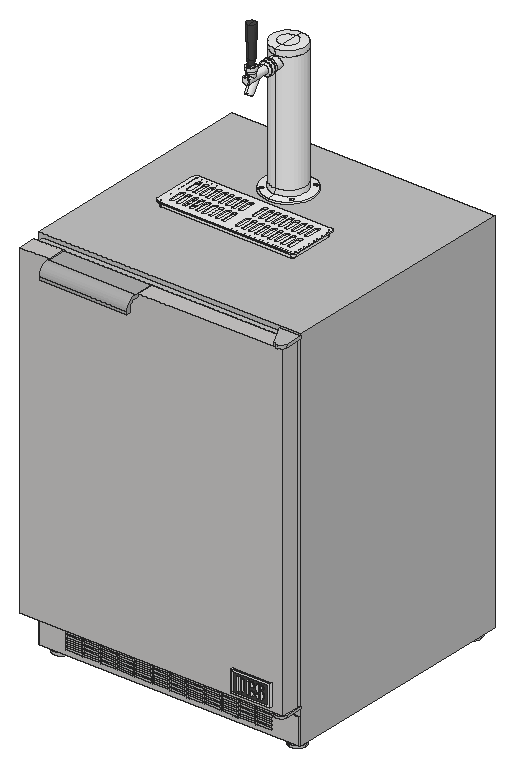
Revit family "RF24TR2_Outdoor_Fridge_9000xxxxxxA", category Specialty Equipment, Revit 2018
Family settings
  Round Connector Dimension = Use Diameter
  Part Type = Normal
  OmniClass Number = 23.40.40.00
  OmniClass Title = Food Service Equipment and Furnishings
  Work Plane-Based = No
  Always vertical = Yes
  Cut with Voids When Loaded = Yes
  Shared = No
  Room Calculation Point = No
Parameters
  Visibility - Clearance Required = yes
  URL = "www.dcsappliances.com"
  Product - Width = 607 mm  # constant formula
  Product - Height (857mm to 883mm) = 870 mm
  Product - Depth = 643 mm  # constant formula
  Model = "RF24TR2"
  Material - Handle = DCS - Aluminium
  Material - Door Front = DCS - Stainless Steel
  Material - Body = DCS - Grey
  Manufacturer = "Fisher & Paykel Appliances"
  Keynote = ""
  Description = "Outdoor Beer Dispenser - Single Tap"
  Counter Top - Height (mm) = 915 mm
  Connector Description - Electrical = "110-120 V, 60 Hz, 15 A dedicated circuit"
  Chassis - Width = 607 mm  # constant formula
  Chassis - Height = 854 mm  # constant formula
  Chassis - Depth = 559 mm  # constant formula
  Cavity - Width = 616 mm  # constant formula
  Cavity - Height (864mm to 889mm) = 889 mm  # constant formula
  Cavity - Depth = 584 mm  # constant formula
Reference planes
  plane 1 "Center (Front/Back)": y = 0
  plane 2: z = 0
  plane 3 "Center (Left/Right)": x = 0
  plane 4 "Product - LHS": x = -303.5
  plane 5 "Product - RHS": x = 303.5
  plane 6 "Product - Depth": y = 559
  plane 7 "Cavity - LHS": x = -308
  plane 8 "Cavity - RHS": x = 308
  plane 9 "Cavity - Depth": y = 584
  plane 10 "Product - Height": z = 870
  plane 11 "Cavity - Height": z = 876
  plane 12 "Chassis - Base": z = 16
  plane 13 "Door Front": y = -54
  plane 14 "Counter Top": z = 915
Forms (mm)
  Extrusion 1, solid, material "DCS - Grey" <- "Material - Body"
    sketch origin (0, 0, 0) x (0, 1, 0) y (0, 0, 1)
      loop
        line (0, 870) -> (0, 16) -> (559, 16) -> (559, 870) -> (0, 870)
    from -303.5 to 303.5
  Extrusion 2, solid, material "DCS - Aluminium" <- "Material - Handle"
    sketch origin (0, 0, 0) x (0, 1, 0) y (0, 0, 1)
      loop
        line (-13.13, 860.6) -> (-59.922, 860.6)
        arc (-59.922, 860.6) -> (-76.948, 853.548) -> (-84, 836.522) r 24.078
        line (-84, 836.522) -> (-84, 830.34) -> (-75.11, 830.34) -> (-75.11, 844.71)
        arc (-75.11, 844.71) -> (-69.603, 851.111) -> (-61.504, 853.5) r 14.926
        line (-61.504, 853.5) -> (-13.13, 853.5) -> (-13.13, 860.6)
    from -32 to -235
  Extrusion 3, solid, material "DCS - Stainless Steel" <- "Material - Door Front", detail levels fine
    sketch origin (0, 0, 0) x (1, 0, 0) y (0, 0, 1)
      loop
        line (-300.5, 16) -> (300.5, 16) -> (300.5, 77) -> (-300.5, 77) -> (-300.5, 16)
      loop
        line (-199, 75.5) -> (-199, 68.5) -> (-161, 68.5) -> (-161, 75.5) -> (-199, 75.5)
      loop
        line (-199, 67) -> (-199, 60) -> (-161, 60) -> (-161, 67) -> (-199, 67)
      loop
        line (-199, 58.5) -> (-199, 51.5) -> (-161, 51.5) -> (-161, 58.5) -> (-199, 58.5)
      loop
        line (-199, 50) -> (-199, 43) -> (-161, 43) -> (-161, 50) -> (-199, 50)
      loop
        line (-199, 41.5) -> (-199, 34.5) -> (-161, 34.5) -> (-161, 41.5) -> (-199, 41.5)
      loop
        line (-199, 33) -> (-199, 26) -> (-161, 26) -> (-161, 33) -> (-199, 33)
      loop
        line (-159, 75.5) -> (-159, 68.5) -> (-121, 68.5) -> (-121, 75.5) -> (-159, 75.5)
      loop
        line (-159, 67) -> (-159, 60) -> (-121, 60) -> (-121, 67) -> (-159, 67)
      loop
        line (-159, 58.5) -> (-159, 51.5) -> (-121, 51.5) -> (-121, 58.5) -> (-159, 58.5)
      loop
        line (-159, 50) -> (-159, 43) -> (-121, 43) -> (-121, 50) -> (-159, 50)
      loop
        line (-159, 41.5) -> (-159, 34.5) -> (-121, 34.5) -> (-121, 41.5) -> (-159, 41.5)
      loop
        line (-159, 33) -> (-159, 26) -> (-121, 26) -> (-121, 33) -> (-159, 33)
      loop
        line (-119, 75.5) -> (-119, 68.5) -> (-81, 68.5) -> (-81, 75.5) -> (-119, 75.5)
      loop
        line (-119, 67) -> (-119, 60) -> (-81, 60) -> (-81, 67) -> (-119, 67)
      loop
        line (-119, 58.5) -> (-119, 51.5) -> (-81, 51.5) -> (-81, 58.5) -> (-119, 58.5)
      loop
        line (-119, 50) -> (-119, 43) -> (-81, 43) -> (-81, 50) -> (-119, 50)
      loop
        line (-119, 41.5) -> (-119, 34.5) -> (-81, 34.5) -> (-81, 41.5) -> (-119, 41.5)
      loop
        line (-119, 33) -> (-119, 26) -> (-81, 26) -> (-81, 33) -> (-119, 33)
      loop
        line (-79, 75.5) -> (-79, 68.5) -> (-41, 68.5) -> (-41, 75.5) -> (-79, 75.5)
      loop
        line (-79, 67) -> (-79, 60) -> (-41, 60) -> (-41, 67) -> (-79, 67)
      loop
        line (-79, 58.5) -> (-79, 51.5) -> (-41, 51.5) -> (-41, 58.5) -> (-79, 58.5)
      loop
        line (-79, 50) -> (-79, 43) -> (-41, 43) -> (-41, 50) -> (-79, 50)
      loop
        line (-79, 41.5) -> (-79, 34.5) -> (-41, 34.5) -> (-41, 41.5) -> (-79, 41.5)
      loop
        line (-79, 33) -> (-79, 26) -> (-41, 26) -> (-41, 33) -> (-79, 33)
      loop
        line (-39, 75.5) -> (-39, 68.5) -> (-1, 68.5) -> (-1, 75.5) -> (-39, 75.5)
      loop
        line (-39, 67) -> (-39, 60) -> (-1, 60) -> (-1, 67) -> (-39, 67)
      loop
        line (-39, 58.5) -> (-39, 51.5) -> (-1, 51.5) -> (-1, 58.5) -> (-39, 58.5)
      loop
        line (-39, 50) -> (-39, 43) -> (-1, 43) -> (-1, 50) -> (-39, 50)
      loop
        line (-39, 41.5) -> (-39, 34.5) -> (-1, 34.5) -> (-1, 41.5) -> (-39, 41.5)
      loop
        line (-39, 33) -> (-39, 26) -> (-1, 26) -> (-1, 33) -> (-39, 33)
      loop
        line (-239, 75.5) -> (-239, 68.5) -> (-201, 68.5) -> (-201, 75.5) -> (-239, 75.5)
      loop
        line (-239, 67) -> (-239, 60) -> (-201, 60) -> (-201, 67) -> (-239, 67)
      loop
        line (-239, 58.5) -> (-239, 51.5) -> (-201, 51.5) -> (-201, 58.5) -> (-239, 58.5)
      loop
        line (-239, 50) -> (-239, 43) -> (-201, 43) -> (-201, 50) -> (-239, 50)
      loop
        line (-239, 41.5) -> (-239, 34.5) -> (-201, 34.5) -> (-201, 41.5) -> (-239, 41.5)
      loop
        line (-239, 33) -> (-239, 26) -> (-201, 26) -> (-201, 33) -> (-239, 33)
      loop
        line (199, 75.5) -> (161, 75.5) -> (161, 68.5) -> (199, 68.5) -> (199, 75.5)
      loop
        line (199, 67) -> (161, 67) -> (161, 60) -> (199, 60) -> (199, 67)
      loop
        line (199, 58.5) -> (161, 58.5) -> (161, 51.5) -> (199, 51.5) -> (199, 58.5)
      loop
        line (199, 50) -> (161, 50) -> (161, 43) -> (199, 43) -> (199, 50)
      loop
        line (199, 41.5) -> (161, 41.5) -> (161, 34.5) -> (199, 34.5) -> (199, 41.5)
      loop
        line (199, 33) -> (161, 33) -> (161, 26) -> (199, 26) -> (199, 33)
      loop
        line (159, 75.5) -> (121, 75.5) -> (121, 68.5) -> (159, 68.5) -> (159, 75.5)
      loop
        line (159, 67) -> (121, 67) -> (121, 60) -> (159, 60) -> (159, 67)
      loop
        line (159, 58.5) -> (121, 58.5) -> (121, 51.5) -> (159, 51.5) -> (159, 58.5)
      loop
        line (159, 50) -> (121, 50) -> (121, 43) -> (159, 43) -> (159, 50)
      loop
        line (159, 41.5) -> (121, 41.5) -> (121, 34.5) -> (159, 34.5) -> (159, 41.5)
      loop
        line (159, 33) -> (121, 33) -> (121, 26) -> (159, 26) -> (159, 33)
      loop
        line (119, 75.5) -> (81, 75.5) -> (81, 68.5) -> (119, 68.5) -> (119, 75.5)
      loop
        line (119, 67) -> (81, 67) -> (81, 60) -> (119, 60) -> (119, 67)
      loop
        line (119, 58.5) -> (81, 58.5) -> (81, 51.5) -> (119, 51.5) -> (119, 58.5)
      loop
        line (119, 50) -> (81, 50) -> (81, 43) -> (119, 43) -> (119, 50)
      loop
        line (119, 41.5) -> (81, 41.5) -> (81, 34.5) -> (119, 34.5) -> (119, 41.5)
      loop
        line (119, 33) -> (81, 33) -> (81, 26) -> (119, 26) -> (119, 33)
      loop
        line (79, 75.5) -> (41, 75.5) -> (41, 68.5) -> (79, 68.5) -> (79, 75.5)
      loop
        line (79, 67) -> (41, 67) -> (41, 60) -> (79, 60) -> (79, 67)
      loop
        line (79, 58.5) -> (41, 58.5) -> (41, 51.5) -> (79, 51.5) -> (79, 58.5)
      loop
        line (79, 50) -> (41, 50) -> (41, 43) -> (79, 43) -> (79, 50)
      loop
        line (79, 41.5) -> (41, 41.5) -> (41, 34.5) -> (79, 34.5) -> (79, 41.5)
      loop
        line (79, 33) -> (41, 33) -> (41, 26) -> (79, 26) -> (79, 33)
      loop
        line (39, 75.5) -> (1, 75.5) -> (1, 68.5) -> (39, 68.5) -> (39, 75.5)
      loop
        line (39, 67) -> (1, 67) -> (1, 60) -> (39, 60) -> (39, 67)
      loop
        line (39, 58.5) -> (1, 58.5) -> (1, 51.5) -> (39, 51.5) -> (39, 58.5)
      loop
        line (39, 50) -> (1, 50) -> (1, 43) -> (39, 43) -> (39, 50)
      loop
        line (39, 41.5) -> (1, 41.5) -> (1, 34.5) -> (39, 34.5) -> (39, 41.5)
      loop
        line (39, 33) -> (1, 33) -> (1, 26) -> (39, 26) -> (39, 33)
      loop
        line (239, 75.5) -> (201, 75.5) -> (201, 68.5) -> (239, 68.5) -> (239, 75.5)
      loop
        line (239, 67) -> (201, 67) -> (201, 60) -> (239, 60) -> (239, 67)
      loop
        line (239, 58.5) -> (201, 58.5) -> (201, 51.5) -> (239, 51.5) -> (239, 58.5)
      loop
        line (239, 50) -> (201, 50) -> (201, 43) -> (239, 43) -> (239, 50)
      loop
        line (239, 41.5) -> (201, 41.5) -> (201, 34.5) -> (239, 34.5) -> (239, 41.5)
      loop
        line (239, 33) -> (201, 33) -> (201, 26) -> (239, 26) -> (239, 33)
    from 0 to 2
  Extrusion 4, solid, material "DCS - Grey" <- "Material - Body"
    sketch origin (0, 0, 1000) x (1, 0, 0) y (0, 0, 1)
      loop
        circle (203.5, -913) r 5
    from -584 to -559
  Extrusion 5, solid, material "DCS - Clearance Required", visible <- "Visibility - Clearance Required", detail levels coarse
    sketch origin (0, 0, 0) x (1, 0, 0) y (0, 1, 0)
      loop
        line (-308, 584) -> (-308, 0) -> (308, 0) -> (308, 584) -> (-308, 584)
    from 0 to 876
  Extrusion 6, solid, material "DCS - Grey" <- "Material - Body"
    sketch origin (0, 0, 0) x (0, 1, 0) y (0, 0, 1)
      loop
        line (-13.13, 860.6) -> (-13.13, 107.384) -> (0, 107.384) -> (0, 860.6) -> (-13.13, 860.6)
    from -293 to 293
  Extrusion 7, solid, material "DCS - Grey" <- "Material - Body"
    sketch origin (0, 0, 0) x (1, 0, 0) y (0, 1, 0)
      loop
        circle (-273.5, 27) r 19
      loop
        circle (-273.5, 534) r 19
      loop
        circle (273.5, 27) r 19
      loop
        circle (273.5, 534) r 19
    from 0 to 4.9
  Extrusion 8, solid, material "DCS - Grey" <- "Material - Body"
    sketch origin (0, 0, 0) x (1, 0, 0) y (0, 1, 0)
      loop
        circle (-273.5, 534) r 6
      loop
        circle (-273.5, 27) r 6
      loop
        circle (273.5, 534) r 6
      loop
        circle (273.5, 27) r 6
    from 4.9 to 16
  Extrusion 9, solid, material "DCS - Clearance Required", visible <- "Visibility - Clearance Required", detail levels coarse
    sketch origin (0, 0, 0) x (1, 0, 0) y (0, 1, 0)
      loop
        line (303.5, -54) -> (-303.5, -54)
        arc (-303.5, -54) -> (-118.506, -464.09) -> (303.5, -620) r 582.375
        line (303.5, -620) -> (303.5, -551.714) -> (333.5, -551.714) -> (333.5, -348.771) -> (303.5, -348.771) -> (303.5, -54)
    from 102.24 to 860.6
  Extrusion 10, solid, material "DCS - Grey" <- "Material - Body", detail levels fine
    sketch origin (0, 0, 0) x (1, 0, 0) y (0, 1, 0)
      loop
        arc (278.224, -45.856) -> (292.903, -53.774) -> (303.5, -40.895) r 13.125
        line (303.5, -40.895) -> (303.5, 0) -> (253.451, 0) -> (278.224, -45.856)
    from 860.6 to 866.898
  Extrusion 11, solid, material "DCS - Grey" <- "Material - Body", detail levels fine
    sketch origin (0, 0, 0) x (1, 0, 0) y (0, 1, 0)
      loop
        arc (278.224, -45.856) -> (292.903, -53.774) -> (303.5, -40.895) r 13.125
        line (303.5, -40.895) -> (303.5, 0) -> (253.451, 0) -> (278.224, -45.856)
    from 93.901 to 97.228
  Extrusion 12, void
    sketch origin (0, 0, 0) x (1, 0, 0) y (0, 1, 0)
      loop
        line (-308, 584) -> (-308, 0) -> (308, 0) -> (308, 584) -> (-308, 584)
    from 0 to 876
  Extrusion 13, solid, material "DCS - Stainless Steel" <- "Material - Door Front"
    sketch origin (0, 0, 0) x (1, 0, 0) y (0, 0, 1)
      loop
        line (-303.5, 860.6) -> (-303.5, 102.24) -> (303.5, 102.24) -> (303.5, 860.6) -> (-32, 860.6) -> (-32, 853.5) -> (-235, 853.5) -> (-235, 860.6) -> (-303.5, 860.6)
    from 13.13 to 54
  Extrusion 14, void
    sketch origin (0, 0, 0) x (1, 0, 0) y (0, 1, 0)
      loop
        circle (0, 343) r 19
      loop
        circle (-35, 378) r 3
      loop
        arc (149.5, 162) -> (153.743, 163.757) -> (155.5, 168) r 6
        line (155.5, 168) -> (155.5, 264)
        arc (155.5, 264) -> (153.743, 268.243) -> (149.5, 270) r 6
        line (149.5, 270) -> (-149.5, 270)
        arc (-149.5, 270) -> (-153.743, 268.243) -> (-155.5, 264) r 6
        line (-155.5, 264) -> (-155.5, 168)
        arc (-155.5, 168) -> (-153.743, 163.757) -> (-149.5, 162) r 6
        line (-149.5, 162) -> (149.5, 162)
      loop
        circle (35, 378) r 3
      loop
        circle (-35, 308) r 3
      loop
        circle (35, 308) r 3
    from 870 to 915
Text (mm)
  text "Due to ongoing product development, product details are subject to change without notice. \nPlease always refer to www.fisherpaykel.com for the most current product information. \n© Fisher & Paykel 2020" at (41.04, -459.323, 0), in view "Ref. Level (Plan)"
Dimensions and locks
  equal spacing: plane 4 "Product - LHS", plane 3 "Center (Left/Right)", plane 5 "Product - RHS"
  "Product - Width": plane 4 "Product - LHS" to plane 5 "Product - RHS"
  equal spacing: plane 7 "Cavity - LHS", plane 3 "Center (Left/Right)", plane 8 "Cavity - RHS"
  "Cavity - Width": plane 7 "Cavity - LHS" to plane 8 "Cavity - RHS"
  "Chassis - Depth": plane 6 "Product - Depth" to plane 1 "Center (Front/Back)"
  "Cavity - Depth": plane 1 "Center (Front/Back)" to plane 9 "Cavity - Depth"
  "Product - Height (857mm to 883mm)": plane 10 "Product - Height" to level
  locked: plane 11 "Cavity - Height" to plane 10 "Product - Height" at 6
  "Chassis - Height": plane 10 "Product - Height" to plane 12 "Chassis - Base"
  plane 13 "Door Front" to plane 1 "Center (Front/Back)" = 54 mm
  plane 6 "Product - Depth" to plane 9 "Cavity - Depth" = 25 mm
  "Product - Depth": plane 6 "Product - Depth" to Extrusion 2
  equal spacing: Extrusion 6, plane 3 "Center (Left/Right)", Extrusion 6
  locked: Extrusion 4 sketch curve to plane 12 "Chassis - Base" at 71
  locked: Extrusion 7 to level at 4.9
  locked: plane 12 "Chassis - Base" to Extrusion 9 at 86.24
  locked: plane 12 "Chassis - Base" to Extrusion 11 at 77.901
  locked: Extrusion 11 to Extrusion 11 at 3.327
  locked: plane 10 "Product - Height" to Extrusion 10 at 3.102  (x2)
  locked: nested 1 to plane 12 "Chassis - Base" at 146.24
  locked: plane 10 "Product - Height" to Extrusion 9 at 9.4
  Extrusion 14 sketch curve to plane 3 "Center (Left/Right)" = 35 mm
  "Counter Top - Height (mm)": plane 14 "Counter Top" to level
  locked: plane 14 "Counter Top" to nested 2 at 308
  aligned and locked: level to plane 2
  aligned and locked: Extrusion 1 to plane 5 "Product - RHS"
  aligned and locked: Extrusion 1 to plane 4 "Product - LHS"
  aligned and locked: plane 10 "Product - Height" to Extrusion 1
  aligned and locked: Extrusion 4 to plane 9 "Cavity - Depth"
  aligned and locked: Extrusion 4 to plane 6 "Product - Depth"
  aligned and locked: Extrusion 5 to level
  aligned and locked: plane 11 "Cavity - Height" to Extrusion 5
  aligned and locked: Extrusion 3 to Extrusion 1
  aligned and locked: Extrusion 7 to level
  aligned and locked: Extrusion 8 to Extrusion 1
  aligned and locked: Extrusion 8 to Extrusion 7
  aligned and locked: Extrusion 1 to plane 12 "Chassis - Base"
  aligned and locked: Extrusion 12 to Extrusion 5
  aligned and locked: Extrusion 10 to Extrusion 2
  aligned and locked: plane 14 "Counter Top" to Extrusion 14
Automatic sketch dimensions
  Extrusion 1 sketch curve to plane 1 "Center (Front/Back)" = 0 mm
  Extrusion 1 sketch curve to plane 6 "Product - Depth" = 0 mm
  Extrusion 1 sketch curve to plane 12 "Chassis - Base" = 0 mm
  Extrusion 1 sketch curve to plane 10 "Product - Height" = 0 mm
  plane 13 "Door Front" to Extrusion 2 sketch curve = 40.87 mm
  Extrusion 2 sketch curve to Extrusion 2 sketch curve = 46.792 mm
  Extrusion 2 sketch curve to Extrusion 2 sketch curve = 1.582 mm
  Extrusion 2 sketch curve to Extrusion 2 sketch curve = 13.606 mm
  Extrusion 2 sketch curve to Extrusion 2 sketch curve = 8.89 mm
  Extrusion 2 sketch curve to plane 10 "Product - Height" = 39.66 mm
  Extrusion 2 sketch curve to Extrusion 2 sketch curve = 6.182 mm
  Extrusion 2 sketch curve to Extrusion 2 sketch curve = 2.052 mm
  Extrusion 2 sketch curve to Extrusion 2 sketch curve = 8.188 mm
  Extrusion 3 sketch curve to plane 12 "Chassis - Base" = 0 mm
  Extrusion 3 sketch curve to plane 4 "Product - LHS" = 3 mm
  Extrusion 3 sketch curve to Extrusion 3 sketch curve = 61.5 mm
  plane 12 "Chassis - Base" to Extrusion 3 sketch curve = 10 mm  (x6)
  Extrusion 3 sketch curve to Extrusion 3 sketch curve = 0 mm  (x138)
  Extrusion 3 sketch curve to Extrusion 3 sketch curve = 38 mm  (x11)
  Extrusion 3 sketch curve to Extrusion 3 sketch curve = 2 mm  (x22)
  Extrusion 3 sketch curve to plane 3 "Center (Left/Right)" = 1 mm  (x6)
  plane 3 "Center (Left/Right)" to Extrusion 3 sketch curve = 1 mm  (x6)
  plane 5 "Product - RHS" to Extrusion 3 sketch curve = 3 mm
  Extrusion 3 sketch curve to Extrusion 3 sketch curve = 7 mm  (x38)
  Extrusion 3 sketch curve to Extrusion 3 sketch curve = 1.5 mm  (x60)
  Extrusion 3 sketch curve to Extrusion 3 sketch curve = 61 mm
  plane 5 "Product - RHS" to Extrusion 4 sketch curve = 100 mm
  Extrusion 5 sketch curve to plane 1 "Center (Front/Back)" = 0 mm
  Extrusion 5 sketch curve to plane 7 "Cavity - LHS" = 0 mm
  Extrusion 5 sketch curve to plane 8 "Cavity - RHS" = 0 mm
  plane 9 "Cavity - Depth" to Extrusion 5 sketch curve = 0 mm
  Extrusion 6 sketch curve to plane 1 "Center (Front/Back)" = 0 mm
  plane 1 "Center (Front/Back)" to Extrusion 6 sketch curve = 13.13 mm
  Extrusion 7 sketch curve to plane 4 "Product - LHS" = 30 mm  (x2)
  plane 5 "Product - RHS" to Extrusion 7 sketch curve = 30 mm  (x2)
  Extrusion 7 sketch curve to plane 1 "Center (Front/Back)" = 27 mm  (x2)
  Extrusion 7 sketch curve to plane 6 "Product - Depth" = 25 mm  (x2)
  Extrusion 8 sketch curve to plane 4 "Product - LHS" = 30 mm  (x2)
  plane 5 "Product - RHS" to Extrusion 8 sketch curve = 30 mm  (x2)
  Extrusion 8 sketch curve to plane 1 "Center (Front/Back)" = 27 mm  (x2)
  Extrusion 8 sketch curve to plane 6 "Product - Depth" = 25 mm  (x2)
  Extrusion 12 sketch curve to plane 1 "Center (Front/Back)" = 0 mm
  Extrusion 12 sketch curve to plane 7 "Cavity - LHS" = 0 mm
  Extrusion 12 sketch curve to plane 8 "Cavity - RHS" = 0 mm
  Extrusion 12 sketch curve to plane 9 "Cavity - Depth" = 0 mm
  plane 12 "Chassis - Base" to Extrusion 6 sketch curve = 91.384 mm
  Extrusion 6 sketch curve to plane 10 "Product - Height" = 9.4 mm
  Extrusion 14 sketch curve to plane 3 "Center (Left/Right)" = 0 mm
  Extrusion 14 sketch curve to plane 3 "Center (Left/Right)" = 35 mm
  Extrusion 14 sketch curve to plane 3 "Center (Left/Right)" = 149.5 mm
  Extrusion 14 sketch curve to Extrusion 14 sketch curve = 0 mm  (x3)
  Extrusion 14 sketch curve to Extrusion 14 sketch curve = 6 mm  (x2)
  plane 3 "Center (Left/Right)" to Extrusion 14 sketch curve = 35 mm  (x2)
  plane 3 "Center (Left/Right)" to Extrusion 14 sketch curve = 149.5 mm
  Extrusion 14 sketch curve to plane 1 "Center (Front/Back)" = 162 mm
  Extrusion 14 sketch curve to Extrusion 14 sketch curve = 96 mm
  Extrusion 14 sketch curve to Extrusion 14 sketch curve = 38 mm
  Extrusion 14 sketch curve to Extrusion 14 sketch curve = 35 mm  (x3)
  Extrusion 9 sketch curve to plane 4 "Product - LHS" = 0 mm
  Extrusion 9 sketch curve to plane 5 "Product - RHS" = 0 mm  (x2)
  plane 5 "Product - RHS" to Extrusion 9 sketch curve = 24.841 mm
  Extrusion 9 sketch curve to plane 8 "Cavity - RHS" = 25.5 mm
  Extrusion 9 sketch curve to Extrusion 9 sketch curve = 202.944 mm
  Extrusion 9 sketch curve to Extrusion 9 sketch curve = 68.286 mm
  Extrusion 9 sketch curve to plane 13 "Door Front" = 0 mm
  Extrusion 9 sketch curve to plane 13 "Door Front" = 294.771 mm
  plane 4 "Product - LHS" to Extrusion 13 sketch curve = 0 mm
  Extrusion 13 sketch curve to plane 5 "Product - RHS" = 0 mm
  Extrusion 13 sketch curve to plane 4 "Product - LHS" = 68.5 mm
  Extrusion 13 sketch curve to plane 3 "Center (Left/Right)" = 32 mm
  plane 12 "Chassis - Base" to Extrusion 13 sketch curve = 86.24 mm
  Extrusion 13 sketch curve to plane 10 "Product - Height" = 9.4 mm  (x2)
  Extrusion 13 sketch curve to Extrusion 13 sketch curve = 7.1 mm
  plane 1 "Center (Front/Back)" to Extrusion 10 sketch curve = 0 mm
  Extrusion 10 sketch curve to plane 5 "Product - RHS" = 0 mm
  plane 5 "Product - RHS" to Extrusion 10 sketch curve = 50.049 mm
  plane 13 "Door Front" to Extrusion 10 sketch curve = 8.144 mm
  plane 5 "Product - RHS" to Extrusion 10 sketch curve = 25.276 mm
  plane 13 "Door Front" to Extrusion 10 sketch curve = 13.105 mm
  plane 1 "Center (Front/Back)" to Extrusion 11 sketch curve = 0 mm
  Extrusion 11 sketch curve to plane 5 "Product - RHS" = 0 mm
  plane 5 "Product - RHS" to Extrusion 11 sketch curve = 50.049 mm
  plane 13 "Door Front" to Extrusion 11 sketch curve = 8.144 mm
  plane 5 "Product - RHS" to Extrusion 11 sketch curve = 25.276 mm
  plane 13 "Door Front" to Extrusion 11 sketch curve = 13.105 mm
  radius of Extrusion 4 sketch curve = 5 mm
  radius of Extrusion 7 sketch curve = 19 mm  (x4)
  radius of Extrusion 8 sketch curve = 6 mm  (x4)
  radius of Extrusion 14 sketch curve = 19 mm
  radius of Extrusion 14 sketch curve = 3 mm  (x4)
Nested families
  nested 1: "DCS Logo New Large" at (233.092, -54, 137.74), type "DCS Logo New Large"
  nested 2: "DCS Dispense Tower Single" at (0, 0, 915), type "DCS Dispense Tower Single"
Connectors
  electrical at (203.5, 584, 87), driven by "Connector Description - Electrical"
    settings: on Extrusion 4, index 1, voltage 120 V, apparent load 0 VA, apparent load phase1 0 VA, apparent load phase2 0 VA, apparent load phase3 0 VA, power factor 1, load classification "Other", number of poles 1, system type 30, power factor state 1, is connector primary yes, connector utility no, sub classification motor no, connector description "110-120 V, 60 Hz, 15 A dedicated circuit"
Definition of nested family "DCS Logo New Large"
  Parameters (values of type "DCS Logo New Large")
    URL = "www.dcsappliances.com"
    Product - Width = 89.45 mm
    Product - Height = 49 mm
    Product - Depth = 6 mm
    Material - Logo = none
    Material - Body = none
    Manufacturer = "Fisher & Paykel Appliances"
  Reference planes
    plane 1 "Center (Front/Back)": y = 0
    plane 2: z = 0
    plane 3 "Center (Left/Right)": x = 0
    plane 4 "Product Top": z = 24.5
    plane 5 "Product LHS": x = -44.725
    plane 6 "Product RHS": x = 44.725
    plane 7 "Product - Depth": y = -6
    plane 8 "Product Bottom": z = -24.5
  Forms (mm)
    Extrusion 1, solid, material <- "Material - Logo", detail levels medium+fine
      sketch origin (0, 0, -0.347) x (1, 0, 0) y (0, 0, 1)
        loop
          line (-44.725, 24.847) -> (-44.725, -24.153) -> (44.725, -24.153) -> (44.725, 24.847) -> (-44.725, 24.847)
        loop
          line (-41.725, 21.847) -> (-41.725, -21.153) -> (41.725, -21.153) -> (41.725, 21.847) -> (-41.725, 21.847)
      from 0 to 6
    Extrusion 2, solid, material <- "Material - Body", detail levels medium+fine
      sketch origin (0, 0, 0) x (1, 0, 0) y (0, 0, 1)
        loop
          line (-41.725, 21.5) -> (-41.725, -21.5) -> (41.725, -21.5) -> (41.725, 21.5) -> (-41.725, 21.5)
      from 0 to 4.974
    Extrusion 3, solid, material <- "Material - Logo", detail levels fine
      sketch origin (0, 0, 0) x (1, 0, 0) y (0, 0, 1)
        loop
          line (-31.141, 15.364) -> (-31.141, -15.364) -> (-25.323, -15.364) -> (-25.323, 15.364) -> (-31.141, 15.364)
        loop
          arc (-20.07, -15.416) -> (-15.93, -13.415) -> (-14.252, -9.134) r 6.301
          line (-14.252, -9.134) -> (-14.252, 9.134)
          arc (-14.252, 9.134) -> (-15.93, 13.414) -> (-20.07, 15.412) r 6.296
          line (-20.07, 15.412) -> (-20.07, -15.416)
        loop
          arc (-8.445, -9.134) -> (-6.767, -13.414) -> (-2.627, -15.412) r 6.296
          line (-2.627, -15.412) -> (-2.627, 15.416)
          arc (-2.627, 15.416) -> (-6.767, 13.415) -> (-8.445, 9.134) r 6.301
          line (-8.445, 9.134) -> (-8.445, -9.134)
        loop
          arc (2.627, -15.377) -> (6.765, -13.401) -> (8.445, -9.134) r 6.259
          line (8.445, -9.134) -> (8.445, -4.011) -> (2.627, -4.011) -> (2.627, -15.377)
        loop
          arc (8.445, 9.134) -> (6.767, 13.414) -> (2.627, 15.412) r 6.296
          line (2.627, 15.412) -> (2.627, 4.011) -> (8.445, 4.011) -> (8.445, 9.134)
        loop
          line (20.07, -2.527) -> (20.07, 15.375)
          arc (20.07, 15.375) -> (15.932, 13.4) -> (14.252, 9.134) r 6.257
          line (14.252, 9.134) -> (14.252, 4.145)
          arc (14.252, 4.145) -> (16.005, -0.199) -> (20.07, -2.527) r 7.155
        loop
          line (14.252, -6.875) -> (14.252, -9.134)
          arc (14.252, -9.134) -> (15.93, -13.414) -> (20.07, -15.412) r 6.296
          line (20.07, -15.412) -> (20.07, -6.875) -> (14.252, -6.875)
        loop
          line (25.323, 2.499) -> (25.323, -15.378)
          arc (25.323, -15.378) -> (29.461, -13.401) -> (31.141, -9.134) r 6.259
          line (31.141, -9.134) -> (31.141, -4.145)
          arc (31.141, -4.145) -> (29.481, 0.271) -> (25.323, 2.499) r 6.702
        loop
          line (25.323, 6.875) -> (31.141, 6.875) -> (31.141, 9.134)
          arc (31.141, 9.134) -> (29.464, 13.419) -> (25.323, 15.427) r 6.313
          line (25.323, 15.427) -> (25.323, 6.875)
      from 4.974 to 6
  Dimensions and locks
    plane 7 "Product - Depth" to plane 1 "Center (Front/Back)" = 6 mm
    equal spacing: Extrusion 1 sketch curve, plane 3 "Center (Left/Right)", Extrusion 1 sketch curve
    "Product - Depth": plane 7 "Product - Depth" to plane 1 "Center (Front/Back)"
    equal spacing: plane 4 "Product Top", level, plane 8 "Product Bottom"
    "Product - Height": plane 4 "Product Top" to plane 8 "Product Bottom"
    equal spacing: plane 5 "Product LHS", plane 3 "Center (Left/Right)", plane 6 "Product RHS"
    "Product - Width": plane 5 "Product LHS" to plane 6 "Product RHS"
    aligned and locked: level to plane 2
    aligned and locked: Extrusion 1 to plane 7 "Product - Depth"
    aligned and locked: Extrusion 3 to plane 7 "Product - Depth"
    aligned and locked: plane 6 "Product RHS" to Extrusion 1 sketch curve
    aligned and locked: Extrusion 1 sketch curve to plane 4 "Product Top"
    aligned and locked: plane 8 "Product Bottom" to Extrusion 1 sketch curve
    aligned and locked: Extrusion 1 sketch curve to plane 5 "Product LHS"
    aligned and locked: Extrusion 2 sketch curve to Extrusion 1  (x4)
  Automatic sketch dimensions
    Extrusion 3 sketch curve to plane 5 "Product LHS" = 13.584 mm
    Extrusion 3 sketch curve to Extrusion 3 sketch curve = 5.818 mm  (x5)
    Extrusion 3 sketch curve to Extrusion 3 sketch curve = 4.771 mm
    Extrusion 3 sketch curve to Extrusion 3 sketch curve = 4.775 mm
    Extrusion 3 sketch curve to Extrusion 3 sketch curve = 6.296 mm
    Extrusion 3 sketch curve to Extrusion 3 sketch curve = 5.807 mm  (x3)
    Extrusion 3 sketch curve to plane 3 "Center (Left/Right)" = 2.627 mm
    Extrusion 3 sketch curve to plane 3 "Center (Left/Right)" = 2.149 mm
    Extrusion 3 sketch curve to plane 3 "Center (Left/Right)" = 2.144 mm
    plane 3 "Center (Left/Right)" to Extrusion 3 sketch curve = 2.148 mm
    plane 3 "Center (Left/Right)" to Extrusion 3 sketch curve = 2.186 mm
    plane 3 "Center (Left/Right)" to Extrusion 3 sketch curve = 2.627 mm  (x2)
    Extrusion 3 sketch curve to level = 2.527 mm
    Extrusion 3 sketch curve to Extrusion 3 sketch curve = 0 mm  (x3)
    Extrusion 3 sketch curve to Extrusion 3 sketch curve = 0.439 mm
    Extrusion 3 sketch curve to Extrusion 3 sketch curve = 0.478 mm
    level to Extrusion 3 sketch curve = 4.504 mm
    Extrusion 3 sketch curve to Extrusion 3 sketch curve = 0.889 mm
    Extrusion 3 sketch curve to Extrusion 3 sketch curve = 4.369 mm
    Extrusion 3 sketch curve to Extrusion 3 sketch curve = 4.32 mm
    Extrusion 3 sketch curve to Extrusion 3 sketch curve = 4.334 mm
    Extrusion 3 sketch curve to Extrusion 3 sketch curve = 5.254 mm  (x3)
    Extrusion 3 sketch curve to Extrusion 3 sketch curve = 6.702 mm
    Extrusion 3 sketch curve to level = 4.011 mm
    Extrusion 3 sketch curve to level = 4.145 mm
    Extrusion 3 sketch curve to Extrusion 3 sketch curve = 2.865 mm
    Extrusion 3 sketch curve to Extrusion 3 sketch curve = 4.989 mm
    Extrusion 3 sketch curve to Extrusion 3 sketch curve = 5.123 mm  (x2)
    Extrusion 3 sketch curve to Extrusion 3 sketch curve = 2.259 mm  (x2)
    Extrusion 3 sketch curve to level = 9.134 mm
    Extrusion 3 sketch curve to Extrusion 3 sketch curve = 6.23 mm  (x2)
    level to Extrusion 3 sketch curve = 4.011 mm
    level to Extrusion 3 sketch curve = 6.875 mm
    level to Extrusion 3 sketch curve = 9.134 mm
    Extrusion 3 sketch curve to Extrusion 3 sketch curve = 4.63 mm
    Extrusion 1 sketch curve to plane 5 "Product LHS" = 3 mm
    Extrusion 1 sketch curve to plane 4 "Product Top" = 3 mm
    plane 8 "Product Bottom" to Extrusion 1 sketch curve = 3 mm
Definition of nested family "DCS Dispense Tower Single"
  Parameters (values of type "DCS Dispense Tower Single")
    URL = "www.dcsappliances.com"
    Product - Height = 308 mm
    Material - Body = none
    Manufacturer = "Fisher & Paykel Appliances"
  Reference planes
    plane 1 "Center (Front/Back)": y = 0
    plane 2: z = 0
    plane 3 "Center (Left/Right)": x = 0
  Forms (mm)
    Revolve 1, solid, material <- "Material - Body", detail levels fine
      sketch origin (0, 0, 0) x (0, 1, 0) y (0, 0, 1)
        loop
          line (342.959, 0) -> (342.959, 308) -> (321.83, 308) -> (304.501, 306.484) -> (304.833, 294.284) -> (304.833, 17.538) -> (303.82, 5.592) -> (286.359, 2.826) -> (285.706, 0) -> (342.959, 0)
        axis (342.959, 0) -> (342.959, 308)
      angle from 0 to 360
    Extrusion 2, void
      sketch origin (0, 0, 0) x (1, 0, 0) y (0, 1, 0)
        loop
          circle (-35, 377.959) r 4
        loop
          arc (-37.296, 380.735) -> (-38.12, 376.157) -> (-33.743, 374.582) r 3.603
          line (-33.743, 374.582) -> (-37.296, 380.735)
        loop
          line (-36.257, 381.335) -> (-32.704, 375.182)
          arc (-32.704, 375.182) -> (-31.88, 379.76) -> (-36.257, 381.335) r 3.603
        loop
          circle (35, 377.959) r 4
        loop
          line (37.296, 380.735) -> (33.743, 374.582)
          arc (33.743, 374.582) -> (38.12, 376.157) -> (37.296, 380.735) r 3.603
        loop
          arc (36.257, 381.335) -> (31.88, 379.76) -> (32.704, 375.182) r 3.603
          line (32.704, 375.182) -> (36.257, 381.335)
        loop
          circle (-35, 307.959) r 4
        loop
          line (-37.296, 305.182) -> (-33.743, 311.335)
          arc (-33.743, 311.335) -> (-38.12, 309.76) -> (-37.296, 305.182) r 3.603
        loop
          arc (-36.257, 304.582) -> (-31.88, 306.157) -> (-32.704, 310.735) r 3.603
          line (-32.704, 310.735) -> (-36.257, 304.582)
        loop
          circle (35, 307.959) r 4
        loop
          arc (37.296, 305.182) -> (38.12, 309.76) -> (33.743, 311.335) r 3.603
          line (33.743, 311.335) -> (37.296, 305.182)
        loop
          line (36.257, 304.582) -> (32.704, 310.735)
          arc (32.704, 310.735) -> (31.88, 306.157) -> (36.257, 304.582) r 3.603
      from 0 to 5.6
    Extrusion 3, solid, material <- "Material - Body", detail levels fine
      sketch origin (0, 69.5, 0) x (1, 0, 0) y (0, 1, 0)
        loop
          arc (-150.035, 206.709) -> (-158.52, 203.194) -> (-162.035, 194.709) r 12
          line (-162.035, 194.709) -> (-162.035, 98.358)
          arc (-162.035, 98.358) -> (-158.52, 89.873) -> (-150.035, 86.358) r 12
          line (-150.035, 86.358) -> (149.653, 86.358)
          arc (149.653, 86.358) -> (158.139, 89.873) -> (161.653, 98.358) r 12
          line (161.653, 98.358) -> (161.653, 194.709)
          arc (161.653, 194.709) -> (158.139, 203.194) -> (149.653, 206.709) r 12
          line (149.653, 206.709) -> (-150.035, 206.709)
        loop
          arc (-141.065, 156.573) -> (-136.3, 151.808) -> (-131.534, 156.573) r 4.766
          line (-131.534, 156.573) -> (-131.534, 185.168)
          arc (-131.534, 185.168) -> (-136.3, 189.934) -> (-141.065, 185.168) r 4.766
          line (-141.065, 185.168) -> (-141.065, 156.573)
        loop
          arc (-141.065, 107.9) -> (-136.3, 103.134) -> (-131.534, 107.9) r 4.766
          line (-131.534, 107.9) -> (-131.534, 136.494)
          arc (-131.534, 136.494) -> (-136.3, 141.26) -> (-141.065, 136.494) r 4.766
          line (-141.065, 136.494) -> (-141.065, 107.9)
        loop
          arc (-125.942, 156.573) -> (-121.176, 151.808) -> (-116.411, 156.573) r 4.766
          line (-116.411, 156.573) -> (-116.411, 185.168)
          arc (-116.411, 185.168) -> (-121.176, 189.934) -> (-125.942, 185.168) r 4.766
          line (-125.942, 185.168) -> (-125.942, 156.573)
        loop
          arc (-125.942, 107.9) -> (-121.176, 103.134) -> (-116.411, 107.9) r 4.766
          line (-116.411, 107.9) -> (-116.411, 136.494)
          arc (-116.411, 136.494) -> (-121.176, 141.26) -> (-125.942, 136.494) r 4.766
          line (-125.942, 136.494) -> (-125.942, 107.9)
        loop
          arc (-110.819, 156.573) -> (-106.053, 151.808) -> (-101.288, 156.573) r 4.766
          line (-101.288, 156.573) -> (-101.288, 185.168)
          arc (-101.288, 185.168) -> (-106.053, 189.934) -> (-110.819, 185.168) r 4.766
          line (-110.819, 185.168) -> (-110.819, 156.573)
        loop
          arc (-110.819, 107.9) -> (-106.053, 103.134) -> (-101.288, 107.9) r 4.766
          line (-101.288, 107.9) -> (-101.288, 136.494)
          arc (-101.288, 136.494) -> (-106.053, 141.26) -> (-110.819, 136.494) r 4.766
          line (-110.819, 136.494) -> (-110.819, 107.9)
        loop
          arc (-95.696, 156.573) -> (-90.93, 151.808) -> (-86.164, 156.573) r 4.766
          line (-86.164, 156.573) -> (-86.164, 185.168)
          arc (-86.164, 185.168) -> (-90.93, 189.934) -> (-95.696, 185.168) r 4.766
          line (-95.696, 185.168) -> (-95.696, 156.573)
        loop
          arc (-95.696, 107.9) -> (-90.93, 103.134) -> (-86.164, 107.9) r 4.766
          line (-86.164, 107.9) -> (-86.164, 136.494)
          arc (-86.164, 136.494) -> (-90.93, 141.26) -> (-95.696, 136.494) r 4.766
          line (-95.696, 136.494) -> (-95.696, 107.9)
        loop
          arc (-81.013, 156.573) -> (-76.247, 151.808) -> (-71.481, 156.573) r 4.766
          line (-71.481, 156.573) -> (-71.481, 185.168)
          arc (-71.481, 185.168) -> (-76.247, 189.934) -> (-81.013, 185.168) r 4.766
          line (-81.013, 185.168) -> (-81.013, 156.573)
        loop
          arc (-81.013, 107.9) -> (-76.247, 103.134) -> (-71.481, 107.9) r 4.766
          line (-71.481, 107.9) -> (-71.481, 136.494)
          arc (-71.481, 136.494) -> (-76.247, 141.26) -> (-81.013, 136.494) r 4.766
          line (-81.013, 136.494) -> (-81.013, 107.9)
        loop
          arc (-65.889, 156.573) -> (-61.124, 151.808) -> (-56.358, 156.573) r 4.766
          line (-56.358, 156.573) -> (-56.358, 185.168)
          arc (-56.358, 185.168) -> (-61.124, 189.934) -> (-65.889, 185.168) r 4.766
          line (-65.889, 185.168) -> (-65.889, 156.573)
        loop
          arc (-65.889, 107.9) -> (-61.124, 103.134) -> (-56.358, 107.9) r 4.766
          line (-56.358, 107.9) -> (-56.358, 136.494)
          arc (-56.358, 136.494) -> (-61.124, 141.26) -> (-65.889, 136.494) r 4.766
          line (-65.889, 136.494) -> (-65.889, 107.9)
        loop
          arc (-50.766, 156.573) -> (-46, 151.808) -> (-41.235, 156.573) r 4.766
          line (-41.235, 156.573) -> (-41.235, 185.168)
          arc (-41.235, 185.168) -> (-46, 189.934) -> (-50.766, 185.168) r 4.766
          line (-50.766, 185.168) -> (-50.766, 156.573)
        loop
          arc (-50.766, 107.9) -> (-46, 103.134) -> (-41.235, 107.9) r 4.766
          line (-41.235, 107.9) -> (-41.235, 136.494)
          arc (-41.235, 136.494) -> (-46, 141.26) -> (-50.766, 136.494) r 4.766
          line (-50.766, 136.494) -> (-50.766, 107.9)
        loop
          arc (-35.643, 156.573) -> (-30.877, 151.808) -> (-26.112, 156.573) r 4.766
          line (-26.112, 156.573) -> (-26.112, 185.168)
          arc (-26.112, 185.168) -> (-30.877, 189.934) -> (-35.643, 185.168) r 4.766
          line (-35.643, 185.168) -> (-35.643, 156.573)
        loop
          arc (-35.643, 107.9) -> (-30.877, 103.134) -> (-26.112, 107.9) r 4.766
          line (-26.112, 107.9) -> (-26.112, 136.494)
          arc (-26.112, 136.494) -> (-30.877, 141.26) -> (-35.643, 136.494) r 4.766
          line (-35.643, 136.494) -> (-35.643, 107.9)
        loop
          arc (-20.563, 156.573) -> (-15.797, 151.808) -> (-11.032, 156.573) r 4.766
          line (-11.032, 156.573) -> (-11.032, 185.168)
          arc (-11.032, 185.168) -> (-15.797, 189.934) -> (-20.563, 185.168) r 4.766
          line (-20.563, 185.168) -> (-20.563, 156.573)
        loop
          arc (-20.563, 107.9) -> (-15.797, 103.134) -> (-11.032, 107.9) r 4.766
          line (-11.032, 107.9) -> (-11.032, 136.494)
          arc (-11.032, 136.494) -> (-15.797, 141.26) -> (-20.563, 136.494) r 4.766
          line (-20.563, 136.494) -> (-20.563, 107.9)
        loop
          line (141.065, 156.573) -> (141.065, 185.168)
          arc (141.065, 185.168) -> (136.3, 189.934) -> (131.534, 185.168) r 4.766
          line (131.534, 185.168) -> (131.534, 156.573)
          arc (131.534, 156.573) -> (136.3, 151.808) -> (141.065, 156.573) r 4.766
        loop
          line (141.065, 107.9) -> (141.065, 136.494)
          arc (141.065, 136.494) -> (136.3, 141.26) -> (131.534, 136.494) r 4.766
          line (131.534, 136.494) -> (131.534, 107.9)
          arc (131.534, 107.9) -> (136.3, 103.134) -> (141.065, 107.9) r 4.766
        loop
          line (125.942, 156.573) -> (125.942, 185.168)
          arc (125.942, 185.168) -> (121.176, 189.934) -> (116.411, 185.168) r 4.766
          line (116.411, 185.168) -> (116.411, 156.573)
          arc (116.411, 156.573) -> (121.176, 151.808) -> (125.942, 156.573) r 4.766
        loop
          line (125.942, 107.9) -> (125.942, 136.494)
          arc (125.942, 136.494) -> (121.176, 141.26) -> (116.411, 136.494) r 4.766
          line (116.411, 136.494) -> (116.411, 107.9)
          arc (116.411, 107.9) -> (121.176, 103.134) -> (125.942, 107.9) r 4.766
        loop
          line (110.819, 156.573) -> (110.819, 185.168)
          arc (110.819, 185.168) -> (106.053, 189.934) -> (101.288, 185.168) r 4.766
          line (101.288, 185.168) -> (101.288, 156.573)
          arc (101.288, 156.573) -> (106.053, 151.808) -> (110.819, 156.573) r 4.766
        loop
          line (110.819, 107.9) -> (110.819, 136.494)
          arc (110.819, 136.494) -> (106.053, 141.26) -> (101.288, 136.494) r 4.766
          line (101.288, 136.494) -> (101.288, 107.9)
          arc (101.288, 107.9) -> (106.053, 103.134) -> (110.819, 107.9) r 4.766
        loop
          line (95.696, 156.573) -> (95.696, 185.168)
          arc (95.696, 185.168) -> (90.93, 189.934) -> (86.164, 185.168) r 4.766
          line (86.164, 185.168) -> (86.164, 156.573)
          arc (86.164, 156.573) -> (90.93, 151.808) -> (95.696, 156.573) r 4.766
        loop
          line (95.696, 107.9) -> (95.696, 136.494)
          arc (95.696, 136.494) -> (90.93, 141.26) -> (86.164, 136.494) r 4.766
          line (86.164, 136.494) -> (86.164, 107.9)
          arc (86.164, 107.9) -> (90.93, 103.134) -> (95.696, 107.9) r 4.766
        loop
          line (81.013, 156.573) -> (81.013, 185.168)
          arc (81.013, 185.168) -> (76.247, 189.934) -> (71.481, 185.168) r 4.766
          line (71.481, 185.168) -> (71.481, 156.573)
          arc (71.481, 156.573) -> (76.247, 151.808) -> (81.013, 156.573) r 4.766
        loop
          line (81.013, 107.9) -> (81.013, 136.494)
          arc (81.013, 136.494) -> (76.247, 141.26) -> (71.481, 136.494) r 4.766
          line (71.481, 136.494) -> (71.481, 107.9)
          arc (71.481, 107.9) -> (76.247, 103.134) -> (81.013, 107.9) r 4.766
        loop
          line (65.889, 156.573) -> (65.889, 185.168)
          arc (65.889, 185.168) -> (61.124, 189.934) -> (56.358, 185.168) r 4.766
          line (56.358, 185.168) -> (56.358, 156.573)
          arc (56.358, 156.573) -> (61.124, 151.808) -> (65.889, 156.573) r 4.766
        loop
          line (65.889, 107.9) -> (65.889, 136.494)
          arc (65.889, 136.494) -> (61.124, 141.26) -> (56.358, 136.494) r 4.766
          line (56.358, 136.494) -> (56.358, 107.9)
          arc (56.358, 107.9) -> (61.124, 103.134) -> (65.889, 107.9) r 4.766
        loop
          line (50.766, 156.573) -> (50.766, 185.168)
          arc (50.766, 185.168) -> (46, 189.934) -> (41.235, 185.168) r 4.766
          line (41.235, 185.168) -> (41.235, 156.573)
          arc (41.235, 156.573) -> (46, 151.808) -> (50.766, 156.573) r 4.766
        loop
          line (50.766, 107.9) -> (50.766, 136.494)
          arc (50.766, 136.494) -> (46, 141.26) -> (41.235, 136.494) r 4.766
          line (41.235, 136.494) -> (41.235, 107.9)
          arc (41.235, 107.9) -> (46, 103.134) -> (50.766, 107.9) r 4.766
        loop
          line (35.643, 156.573) -> (35.643, 185.168)
          arc (35.643, 185.168) -> (30.877, 189.934) -> (26.112, 185.168) r 4.766
          line (26.112, 185.168) -> (26.112, 156.573)
          arc (26.112, 156.573) -> (30.877, 151.808) -> (35.643, 156.573) r 4.766
        loop
          line (35.643, 107.9) -> (35.643, 136.494)
          arc (35.643, 136.494) -> (30.877, 141.26) -> (26.112, 136.494) r 4.766
          line (26.112, 136.494) -> (26.112, 107.9)
          arc (26.112, 107.9) -> (30.877, 103.134) -> (35.643, 107.9) r 4.766
        loop
          line (20.563, 156.573) -> (20.563, 185.168)
          arc (20.563, 185.168) -> (15.797, 189.934) -> (11.032, 185.168) r 4.766
          line (11.032, 185.168) -> (11.032, 156.573)
          arc (11.032, 156.573) -> (15.797, 151.808) -> (20.563, 156.573) r 4.766
        loop
          line (20.563, 107.9) -> (20.563, 136.494)
          arc (20.563, 136.494) -> (15.797, 141.26) -> (11.032, 136.494) r 4.766
          line (11.032, 136.494) -> (11.032, 107.9)
          arc (11.032, 107.9) -> (15.797, 103.134) -> (20.563, 107.9) r 4.766
      from 0 to 1
    Extrusion 4, solid, material <- "Material - Body"
      sketch origin (0, 69.5, 0) x (1, 0, 0) y (0, 1, 0)
        loop
          arc (-155.5, 98.534) -> (-153.743, 94.291) -> (-149.5, 92.534) r 6
          line (-149.5, 92.534) -> (149.5, 92.534)
          arc (149.5, 92.534) -> (153.743, 94.291) -> (155.5, 98.534) r 6
          line (155.5, 98.534) -> (155.5, 194.534)
          arc (155.5, 194.534) -> (153.743, 198.776) -> (149.5, 200.534) r 6
          line (149.5, 200.534) -> (-149.5, 200.534)
          arc (-149.5, 200.534) -> (-153.743, 198.776) -> (-155.5, 194.534) r 6
          line (-155.5, 194.534) -> (-155.5, 98.534)
        loop
          circle (-110.913, 146.534) r 17.5
      from -11 to -10
    Extrusion 5, solid, material <- "Material - Body"
      sketch origin (0, 69.5, 0) x (1, 0, 0) y (0, 1, 0)
        loop
          circle (-110.913, 146.534) r 17.5
        loop
          circle (-110.913, 146.534) r 8
      from -11 to -10
    Extrusion 6, void
      sketch origin (0, 0, 0) x (1, 0, 0) y (0, 1, 0)
        loop
          circle (-35, 377.959) r 3
        loop
          circle (35, 377.959) r 3
        loop
          circle (-35, 307.959) r 3
        loop
          circle (35, 307.959) r 3
        loop
          arc (-149.5, 270.034) -> (-153.743, 268.276) -> (-155.5, 264.034) r 6
          line (-155.5, 264.034) -> (-155.5, 168.034)
          arc (-155.5, 168.034) -> (-153.743, 163.791) -> (-149.5, 162.034) r 6
          line (-149.5, 162.034) -> (149.5, 162.034)
          arc (149.5, 162.034) -> (153.743, 163.791) -> (155.5, 168.034) r 6
          line (155.5, 168.034) -> (155.5, 264.034)
          arc (155.5, 264.034) -> (153.743, 268.276) -> (149.5, 270.034) r 6
          line (149.5, 270.034) -> (-149.5, 270.034)
        loop
          circle (0, 342.959) r 19
      from -300 to 0
    Extrusion 7, solid, material <- "Material - Body"
      sketch origin (0, 0, 0) x (1, 0, 0) y (0, 1, 0)
        loop
          arc (-149.5, 270.034) -> (-153.743, 268.276) -> (-155.5, 264.034) r 6
          line (-155.5, 264.034) -> (-155.5, 168.034)
          arc (-155.5, 168.034) -> (-153.743, 163.791) -> (-149.5, 162.034) r 6
          line (-149.5, 162.034) -> (149.5, 162.034)
          arc (149.5, 162.034) -> (153.743, 163.791) -> (155.5, 168.034) r 6
          line (155.5, 168.034) -> (155.5, 264.034)
          arc (155.5, 264.034) -> (153.743, 268.276) -> (149.5, 270.034) r 6
          line (149.5, 270.034) -> (-149.5, 270.034)
        loop
          arc (149.5, 163.034) -> (153.036, 164.498) -> (154.5, 168.034) r 5
          line (154.5, 168.034) -> (154.5, 264.034)
          arc (154.5, 264.034) -> (153.036, 267.569) -> (149.5, 269.034) r 5
          line (149.5, 269.034) -> (-149.5, 269.034)
          arc (-149.5, 269.034) -> (-153.036, 267.569) -> (-154.5, 264.034) r 5
          line (-154.5, 264.034) -> (-154.5, 168.034)
          arc (-154.5, 168.034) -> (-153.036, 164.498) -> (-149.5, 163.034) r 5
          line (-149.5, 163.034) -> (149.5, 163.034)
      from -10 to 0
    Extrusion 8, solid, material <- "Material - Body", detail levels coarse+medium
      sketch origin (0, 0, 0) x (1, 0, 0) y (0, 1, 0)
        loop
          circle (0, 342.959) r 38.126
      from 5.592 to 308
    Extrusion 9, solid, material <- "Material - Body", detail levels coarse+medium
      sketch origin (0, 0, 0) x (1, 0, 0) y (0, 1, 0)
        loop
          circle (0, 342.944) r 57.245
        loop
          circle (-35, 377.959) r 4
        loop
          circle (35, 377.959) r 4
        loop
          circle (-35, 307.959) r 4
        loop
          circle (35, 307.959) r 4
      from 0 to 5.592
  Cuts and joins
    Extrusion 2 cuts Revolve 1
    joined: Extrusion 4, Extrusion 7
  Dimensions and locks
    plane 1 "Center (Front/Back)" to Extrusion 5 = 216.034 mm
    Extrusion 4 to Extrusion 4 = 108 mm
    Extrusion 4 to Extrusion 4 = 311 mm
    plane 1 "Center (Front/Back)" to Extrusion 4 = 162.034 mm
    "Product - Height": level to cut or joined group of Revolve 1, Extrusion 2
    aligned and locked: level to plane 2
  Automatic sketch dimensions
    Revolve 1 sketch curve to level = 0 mm
    Revolve 1 sketch curve to plane 1 "Center (Front/Back)" = 285.706 mm
    level to Revolve 1 sketch curve = 2.826 mm
    Revolve 1 sketch curve to Revolve 1 sketch curve = 0.652 mm
    level to Revolve 1 sketch curve = 5.592 mm
    Revolve 1 sketch curve to Revolve 1 sketch curve = 17.461 mm
    Revolve 1 sketch curve to Revolve 1 sketch curve = 0.681 mm
    Revolve 1 sketch curve to Revolve 1 sketch curve = 1.013 mm
    Revolve 1 sketch curve to Revolve 1 sketch curve = 17.329 mm
    Revolve 1 sketch curve to Revolve 1 sketch curve = 21.129 mm
    Revolve 1 sketch curve to Revolve 1 sketch curve = 11.946 mm
    Revolve 1 sketch curve to Revolve 1 sketch curve = 276.746 mm
    Revolve 1 sketch curve to Revolve 1 sketch curve = 12.2 mm
    Revolve 1 sketch curve to Revolve 1 sketch curve = 1.516 mm
    Revolve 1 sketch curve to Revolve 1 sketch curve = 0 mm
    Revolve 1 sketch curve to Revolve 1 sketch curve = 3.428 mm
    Revolve 1 sketch curve to Revolve 1 sketch curve = 10 mm
    Extrusion 2 sketch curve to Extrusion 2 sketch curve = 0 mm  (x25)
    Extrusion 2 sketch curve to plane 3 "Center (Left/Right)" = 37.296 mm  (x2)
    Extrusion 2 sketch curve to Extrusion 2 sketch curve = 1.039 mm  (x8)
    Extrusion 2 sketch curve to Extrusion 2 sketch curve = 1.257 mm  (x8)
    plane 3 "Center (Left/Right)" to Extrusion 2 sketch curve = 32.704 mm  (x2)
    Extrusion 2 sketch curve to plane 1 "Center (Front/Back)" = 304.582 mm
    Extrusion 2 sketch curve to Extrusion 2 sketch curve = 0.6 mm  (x4)
    Extrusion 2 sketch curve to Extrusion 2 sketch curve = 2.777 mm
    Extrusion 2 sketch curve to Extrusion 2 sketch curve = 3.377 mm  (x3)
    Extrusion 2 sketch curve to Extrusion 2 sketch curve = 63.247 mm  (x2)
    Extrusion 3 sketch curve to plane 3 "Center (Left/Right)" = 162.035 mm
    Extrusion 3 sketch curve to Extrusion 3 sketch curve = 12 mm  (x3)
    Extrusion 3 sketch curve to Extrusion 3 sketch curve = 8.969 mm  (x2)
    Extrusion 3 sketch curve to Extrusion 3 sketch curve = 4.766 mm  (x36)
    Extrusion 3 sketch curve to Extrusion 3 sketch curve = 5.592 mm  (x24)
    Extrusion 3 sketch curve to Extrusion 3 sketch curve = 5.152 mm  (x4)
    Extrusion 3 sketch curve to Extrusion 3 sketch curve = 5.548 mm  (x4)
    plane 3 "Center (Left/Right)" to Extrusion 3 sketch curve = 11.032 mm  (x2)
    Extrusion 3 sketch curve to Extrusion 3 sketch curve = 8.588 mm  (x2)
    Extrusion 3 sketch curve to plane 1 "Center (Front/Back)" = 155.858 mm
    Extrusion 3 sketch curve to Extrusion 3 sketch curve = 9.541 mm  (x3)
    Extrusion 3 sketch curve to Extrusion 3 sketch curve = 0 mm  (x58)
    Extrusion 3 sketch curve to Extrusion 3 sketch curve = 28.594 mm  (x7)
    Extrusion 3 sketch curve to Extrusion 3 sketch curve = 20.08 mm  (x5)
    Extrusion 4 sketch curve to plane 3 "Center (Left/Right)" = 155.5 mm
    Extrusion 4 sketch curve to Extrusion 4 sketch curve = 6 mm  (x3)
    Extrusion 4 sketch curve to Extrusion 4 sketch curve = 38.587 mm
    plane 3 "Center (Left/Right)" to Extrusion 4 sketch curve = 149.5 mm
    Extrusion 4 sketch curve to Extrusion 4 sketch curve = 0 mm
    Extrusion 4 sketch curve to plane 1 "Center (Front/Back)" = 162.034 mm
    Extrusion 4 sketch curve to Extrusion 4 sketch curve = 48 mm  (x2)
    Extrusion 5 sketch curve to Extrusion 5 sketch curve = 0 mm  (x2)
    Extrusion 5 sketch curve to plane 3 "Center (Left/Right)" = 110.913 mm
    Extrusion 5 sketch curve to plane 1 "Center (Front/Back)" = 216.034 mm
    Extrusion 6 sketch curve to plane 3 "Center (Left/Right)" = 0 mm
    Extrusion 6 sketch curve to plane 3 "Center (Left/Right)" = 35 mm  (x2)
    Extrusion 6 sketch curve to Extrusion 6 sketch curve = 114.5 mm  (x2)
    Extrusion 6 sketch curve to Extrusion 6 sketch curve = 0 mm  (x3)
    Extrusion 6 sketch curve to Extrusion 6 sketch curve = 6 mm  (x2)
    plane 3 "Center (Left/Right)" to Extrusion 6 sketch curve = 35 mm  (x2)
    Extrusion 6 sketch curve to plane 1 "Center (Front/Back)" = 162.034 mm
    Extrusion 6 sketch curve to Extrusion 6 sketch curve = 96 mm
    Extrusion 6 sketch curve to Extrusion 6 sketch curve = 37.925 mm
    Extrusion 6 sketch curve to Extrusion 6 sketch curve = 35 mm  (x3)
    Extrusion 7 sketch curve to Extrusion 7 sketch curve = 0 mm  (x9)
    Extrusion 7 sketch curve to plane 3 "Center (Left/Right)" = 155.5 mm
    Extrusion 7 sketch curve to Extrusion 7 sketch curve = 1 mm
    Extrusion 7 sketch curve to Extrusion 7 sketch curve = 5 mm  (x3)
    plane 3 "Center (Left/Right)" to Extrusion 7 sketch curve = 149.5 mm
    Extrusion 7 sketch curve to plane 1 "Center (Front/Back)" = 162.034 mm
    Extrusion 7 sketch curve to Extrusion 7 sketch curve = 96 mm
    Extrusion 8 sketch curve to plane 3 "Center (Left/Right)" = 0 mm
    Extrusion 8 sketch curve to plane 1 "Center (Front/Back)" = 342.959 mm
    Extrusion 9 sketch curve to plane 3 "Center (Left/Right)" = 0 mm
    Extrusion 9 sketch curve to plane 3 "Center (Left/Right)" = 35 mm  (x2)
    plane 3 "Center (Left/Right)" to Extrusion 9 sketch curve = 35 mm  (x2)
    Extrusion 9 sketch curve to plane 1 "Center (Front/Back)" = 307.959 mm
    Extrusion 9 sketch curve to Extrusion 9 sketch curve = 0 mm
    Extrusion 9 sketch curve to Extrusion 9 sketch curve = 34.986 mm
    Extrusion 9 sketch curve to Extrusion 9 sketch curve = 35.014 mm  (x2)
    radius of Extrusion 2 sketch curve = 4 mm  (x4)
    radius of Extrusion 4 sketch curve = 17.5 mm
    radius of Extrusion 5 sketch curve = 17.5 mm
    radius of Extrusion 5 sketch curve = 8 mm
    radius of Extrusion 6 sketch curve = 3 mm  (x4)
    radius of Extrusion 6 sketch curve = 19 mm
    radius of Extrusion 8 sketch curve = 38.126 mm
    radius of Extrusion 9 sketch curve = 57.245 mm
    radius of Extrusion 9 sketch curve = 4 mm  (x4)
  Nested families
    nested 1: "DCS Beer Tap" at (0, 342.944, 0), type "DCS Beer Tap"
  Definition of nested family "DCS Beer Tap"
    Parameters (values of type "DCS Beer Tap")
      URL = "www.dcsappliances.com"
      Product - Height = 870 mm
      Material - Handle = none
      Material - Body = none
      Manufacturer = "Fisher & Paykel Appliances"
    Reference planes
      plane 1 "Center (Front/Back)": y = 0
      plane 2: z = 0
      plane 3 "Center (Left/Right)": x = 0
      plane 4 "Product - Height": z = 390.193
    Forms (mm)
      Revolve 1, solid, material <- "Material - Body"
        sketch origin (0, -273.5, -870) x (0, 1, 0) y (0, 0, 1)
          loop
            line (237.837, 1161.608) -> (207.919, 1161.608)
            arc (207.919, 1161.608) -> (206.593, 1157.843) -> (202.932, 1156.249) r 5
            line (202.932, 1156.249) -> (150.858, 1156.249) -> (150.858, 1147.351) -> (237.837, 1147.351) -> (237.837, 1161.608)
          axis (237.837, 1147.351) -> (150.858, 1147.351)
        angle from 0 to 360
      Revolve 2, solid, material <- "Material - Body"
        sketch origin (0, -273.5, -870) x (0, 1, 0) y (0, 0, 1)
          loop
            line (165.227, 1148.369) -> (165.227, 1175.932) -> (161.247, 1175.932) -> (161.247, 1170.845) -> (156.651, 1170.845) -> (156.651, 1148.369) -> (165.227, 1148.369)
          axis (165.227, 1148.369) -> (165.227, 1175.932)
        angle from 0 to 360
      Revolve 3, solid, material <- "Material - Body"
        sketch origin (0, -273.5, -870) x (0, 1, 0) y (0, 0, 1)
          loop
            line (165.438, 1110.465) -> (185.747, 1141.739) -> (183.164, 1143.181) -> (162.854, 1111.907) -> (165.438, 1110.465)
          axis (158.646, 1114.64) -> (179.063, 1146.08)
        angle from 0 to 360
      Revolve 4, solid, material <- "Material - Handle"
        sketch origin (0, -273.5, -870) x (0, 1, 0) y (0, 0, 1)
          loop
            line (165.227, 1175.932) -> (165.227, 1260.193) -> (154.789, 1260.193) -> (157.307, 1188.078) -> (159.449, 1175.932) -> (165.227, 1175.932)
          axis (165.227, 1175.932) -> (165.227, 1260.193)
        angle from 0 to 360
      Extrusion 5, void
        sketch origin (0, 0, 0) x (1, 0, 0) y (0, 1, 0)
          loop
            circle (0, 0) r 38.112
        from 0 to 390.193
      Extrusion 6, solid, material <- "Material - Body", detail levels fine
        sketch origin (0, 0, 0) x (1, 0, 0) y (0, 0, 1)
          loop
            circle (0, 277.351) r 7
        from 122.642 to 124.142
      Revolve 7, solid, material <- "Material - Body", detail levels fine
        sketch origin (0, 0, 0) x (0, 1, 0) y (0, 0, 1)
          loop
            line (-65.568, 277.351) -> (-52.986, 277.351) -> (-52.986, 292.964) -> (-56.291, 292.964) -> (-56.291, 291.947) -> (-59.341, 291.947) -> (-59.341, 292.964) -> (-65.568, 292.964) -> (-65.568, 277.351)
          axis (-52.986, 277.351) -> (-65.568, 277.351)
        angle from 0 to 360
      Revolve 8, solid, material <- "Material - Body", detail levels fine
        sketch origin (0, 0, 0) x (0, 1, 0) y (0, 0, 1)
          loop
            line (-118.67, 295.075) -> (-118.67, 290.246) -> (-116.849, 290.246) -> (-116.849, 300.845) -> (-119.625, 300.845) -> (-119.625, 295.075) -> (-118.67, 295.075)
          axis (-108.273, 300.845) -> (-108.273, 290.246)
        angle from 0 to 360
    Cuts and joins
      Extrusion 5 cuts Revolve 1
      joined: Revolve 1, Revolve 2, Revolve 3
    Dimensions and locks
      aligned and locked: level to plane 2
